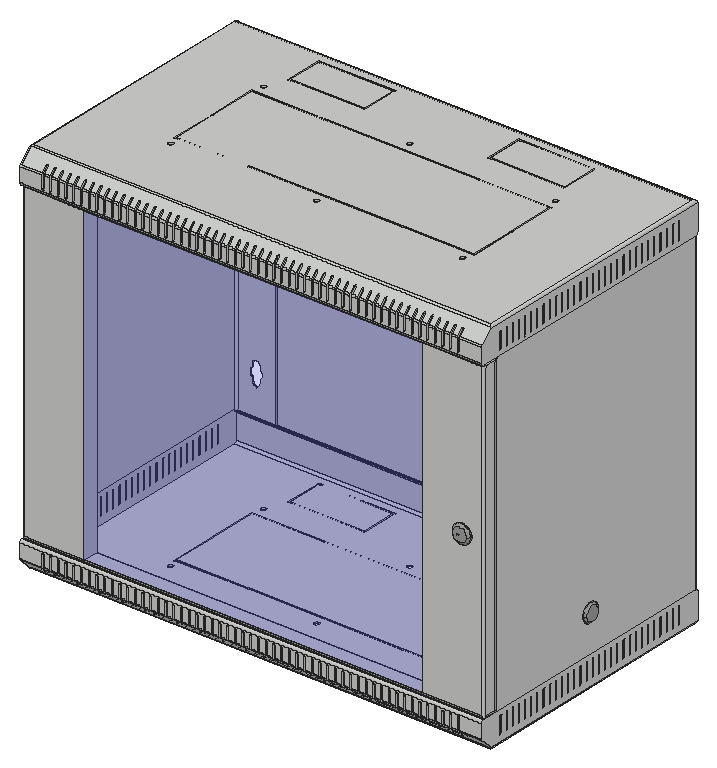
Revit family "600х350", category Обобщенные модели, Revit 2019 (continued)
Types (7, lengths in mm): name | Дверь | Высота_двери | ADSK_Размер_Высота | ADSK_Обозначение | ADSK_Наименование | ADSK_Масса_Текст | ADSK_Марка | ADSK_Код изделия | ADSK_URL страницы изделия
  (no name) | Дверь_С : Дверь_С | 413 | 493 | "ШТ-НСрМ 9U (600x350) стеклянная дверь" | "Шкаф телекоммуникационный настенный разборный со съемными боковыми стенками 19”,9U(600x350), ШТ-НСрМ-9U-600-350-С дверь стекло ССД" | "17,5" | "ШТ-НСрМ 9U (600x350) стеклянная дверь" | "130411-00787" | "https://www.ssd.ru/shkaf-telekommunikatsionnyy-nastennyy-razbornyy-so-semnymi-bokovymi-stenkami-19-9u-600x350-sht-nsrm--75388"
  ШТ-НСрМ 9U (600x350) стеклянная дверь | Дверь_С : Дверь_С | 413 | 493 | "ШТ-НСрМ 9U (600x350) стеклянная дверь" | "Шкаф телекоммуникационный настенный разборный со съемными боковыми стенками 19”,9U(600x350), ШТ-НСрМ-9U-600-350-С дверь стекло ССД" | "17,5" | "ШТ-НСрМ 9U (600x350) стеклянная дверь" | "130411-00787" | "https://www.ssd.ru/shkaf-telekommunikatsionnyy-nastennyy-razbornyy-so-semnymi-bokovymi-stenkami-19-9u-600x350-sht-nsrm--75388"
  ШТ-НСрМ 9U (600x350) металлическая дверь | Дверь_М : Дверь_М | 413 | 493 | "ШТ-НСрМ 9U (600x350) металлическая дверь" | "Шкаф телекоммуникационный настенный разборный со съемными боковыми стенками 19”,9U(600x350), ШТ-НСрМ-9U-600-350-М дверь металл ССД" | "16,2" | "ШТ-НСрМ 9U (600x350) металлическая дверь" | "130411-00788" | "https://www.ssd.ru/shkaf-telekommunikatsionnyy-nastennyy-razbornyy-so-semnymi-bokovymi-stenkami-19-9u-600x350-sht-nsrm--75388"
  ШТ-НСрМ 12U (600x350) стеклянная дверь | Дверь_С : Дверь_С | 546 | 626 | "ШТ-НСрМ 12U (600x350) стеклянная дверь" | "Шкаф телекоммуникационный настенный разборный со съемными боковыми стенками 19”,12U(600x350), ШТ-НСрМ-12U-600-350-С дверь стекло ССД" | "20,35" | "ШТ-НСрМ 12U (600x350) стеклянная дверь" | "130411-00789" | "https://www.ssd.ru/shkaf-telekommunikatsionnyy-nastennyy-razbornyy-so-semnymi-bokovymi-stenkami-19-12u-600x350-sht-nsrm-75390"
  ШТ-НСрМ 12U (600x350) металлическая дверь | Дверь_М : Дверь_М | 546 | 626 | "ШТ-НСрМ 12U (600x350) металлическая дверь" | "Шкаф телекоммуникационный настенный разборный со съемными боковыми стенками 19”,12U(600x350), ШТ-НСрМ-12U-600-350-М дверь металл ССД" | "18,8" | "ШТ-НСрМ 12U (600x350) металлическая дверь" | "130411-00790" | "https://www.ssd.ru/shkaf-telekommunikatsionnyy-nastennyy-razbornyy-so-semnymi-bokovymi-stenkami-19-12u-600x350-sht-nsrm"
  ШТ-НСрМ 15U (600x350) стеклянная дверь | Дверь_С : Дверь_С | 680 | 760 | "ШТ-НСрМ 15U (600x350) стеклянная дверь" | "Шкаф телекоммуникационный настенный разборный со съемными боковыми стенками 19”,15U(600x350), ШТ-НСрМ-15U-600-350-С дверь стекло ССД" | "23,2" | "ШТ-НСрМ 15U (600x350) стеклянная дверь" | "130411-00791" | "https://www.ssd.ru/shkaf-telekommunikatsionnyy-nastennyy-razbornyy-so-semnymi-bokovymi-stenkami-19-15u-600x350-sht-nsrm-75392"
  ШТ-НСрМ 15U (600x350) металлическая дверь | Дверь_М : Дверь_М | 680 | 760 | "ШТ-НСрМ 15U (600x350) металлическая дверь" | "Шкаф телекоммуникационный настенный разборный со съемными боковыми стенками 19”,15U(600x350), ШТ-НСрМ-15U-600-350-М дверь металл ССД" | "21,5" | "ШТ-НСрМ 15U (600x350) металлическая дверь" | "130411-00792" | "https://www.ssd.ru/shkaf-telekommunikatsionnyy-nastennyy-razbornyy-so-semnymi-bokovymi-stenkami-19-15u-600x350-sht-nsrm"
